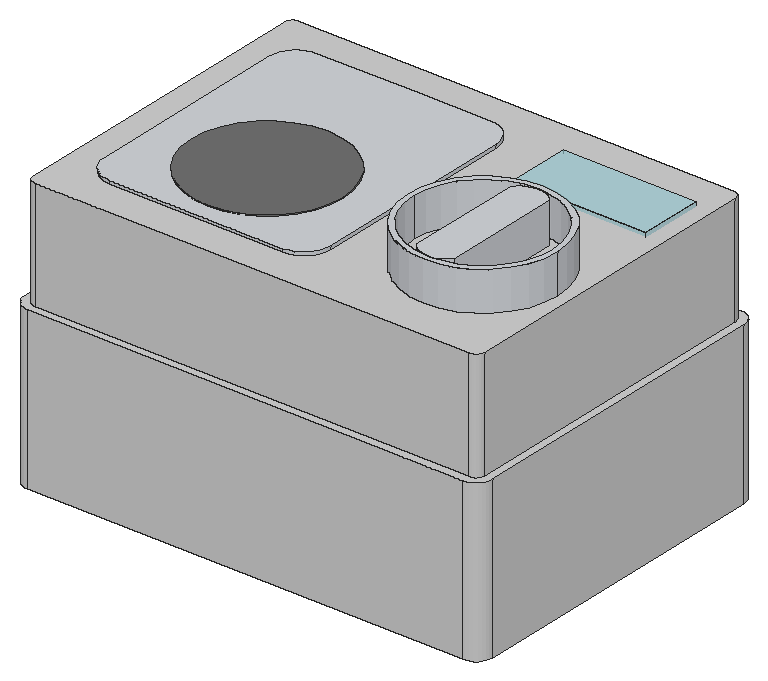
Revit family "Building-ConnessioniIEC309-GEWISS-44IB-PRESE-INTERBLOCCATE_IP44_CON_FONDO", category Apparecchi elettrici, host Superficie, Revit 2019
Family settings
  Host = Superficie
  Mantenere orientamento annotazione = Sì
  Quota connettore circolare = Usa diametro
  Tipo di parte = Normale
  Taglio con vuoti quando caricato = No
  Condiviso = No
  Punto di calcolo locali = Sì
Parameters (values of type "GW66022 - PRESA BL.OR.C.F.3P+N+T 32A 500V 7H SBF")
  visibilita posizionamento 2d [instance] = yes
  simbolo acceso [instance] = yes
  oggetto in pianta [instance] = not(visibilita posizionamento 2d)  # no
  distanza_simbolo [instance] = 1 mm
  distanza dal piano [instance] = 10 mm
  W = 115 mm  # constant formula
  Voltaggio = 0 V
  Versione file RFA = "21.4"
  VETRO = Vetro
  URL = "https://www.gewiss.com/it/it"
  Tipologia = "Orizzontale"
  Termopressione con biglia = "125 °C (Parti attive) - 80 °C (Parti passive)"
  Tensione nominale = "480-500V"
  Temperatura di utilizzo = "-25 +40 °C"
  Temperatura di funzionamento = "-25 ÷ +40 °C"
  Spostamento_effettivo_S [instance] = 4000 mm - Spostamento_S  # 3500 mm
  Spostamento_S = 500 mm
  Simbolo circuito [instance] = not(simbolo acceso)  # no
  Scheda Tecnica = "https://www.gewiss.com/it/it/search?q=GW66022"
  STRUTTURA ALTA = blue
  STRUTTURA = RAL - 7035
  SEO = "Presa"
  Riferimento h = "7"
  Resistenza agli urti = "IK08"
  Protezione = "NO (SBF)"
  Default Elevation = 1219.2 mm
  Produttore = "GEWISS S.p.A."
  PRESA = Giallo
  POMELLO = bianco
  Numero di poli = "3P+N+T"
  N_poli = 1
  N. poli = "3P+N+T"
  Modello = "GW66022"
  L = 155 mm  # constant formula
  Immagine tipo = IP44Fondo.jpg
  IDT = "54ab296f-77ff-4020-be1a-67a03cbf098f"
  IDF = "dbca06ac-afbb-49c0-85ef-3e15d7b39cd4"
  Grado di protezione = "IP44"
  Glow wire test: = "850 °C (Parti attive) - 650 °C (Parti passive)"
  Glow Wire Test = "850 °C (Parti attive) - 650 °C (Parti passive)"
  Frequenza nominale (Hz) = "50/60 Hz"
  Frequenza = "50/60 Hz"
  FORMULA = 1000 mm * 1  # 1000 mm
  Descrizione = "PRESA BL.OR.C.F.3P+N+T 32A 500V 7H SBF"
  Creato da GEWISS S.p.A. = ""
  Corrente nominale (In) = "32"
  Corrente nominale (A) = "32"
  Con fondo = "Si"
  Colore: = "Nero"
  Colore = "Nero"
  Codice Electrocod = "2220"
  Codice EAN = "8011564006218"
  Catalogo Serie = "44 IB"
  Catalogo = "BUILDING"
  COBie.Tagnumber = ""
  COBie.CreatedOn = ""
  COBie.CreatebBy = ""
  COBie.ComponentRegisterItemID = ""
  COBie.Component.TagNumber = ""
  COBie.Component.Space = ""
  COBie.Component.SerialNumber = ""
  COBie.Component.InstallationDate = ""
  COBie.Component.Description = ""
  COBie.Component.BarCode = ""
  BLOCCO = "B=C"
Types (22, lengths in mm): name | Tensione nominale | Scheda Tecnica | Riferimento h | Numero di poli | N. poli | Modello | IDT | Descrizione | Corrente nominale (In) | Corrente nominale (A) | Colore: | Colore | Codice EAN
  GW66001 - PRESA BL.OR.C.F.2P+T 16A 110V 4H SBF | "100-130V" | "https://www.gewiss.com/it/it/search?q=GW66001" | "4" | "2P+T" | "2P+T" | "GW66001" | "a3f7bddc-b5c9-4c70-9209-5b46b690e596" | "PRESA BL.OR.C.F.2P+T 16A 110V 4H SBF" | "16" | "16" | "Giallo" | "Giallo" | "8011564005792"
  GW66002 - PRESA BL.OR.C.F.3P+T 16A 110V 4H SBF | "100-130V" | "https://www.gewiss.com/it/it/search?q=GW66002" | "4" | "3P+T" | "3P+T" | "GW66002" | "4163d0c6-aca8-494a-9caf-537630b581cb" | "PRESA BL.OR.C.F.3P+T 16A 110V 4H SBF" | "16" | "16" | "Giallo" | "Giallo" | "8011564005853"
  GW66003 - PRESA BL.OR.C.F.3P+N+T 16A 110V 4H SBF | "100-130V" | "https://www.gewiss.com/it/it/search?q=GW66003" | "4" | "3P+N+T" | "3P+N+T" | "GW66003" | "4909dd62-c378-4db2-a513-8fa569881707" | "PRESA BL.OR.C.F.3P+N+T 16A 110V 4H SBF" | "16" | "16" | "Giallo" | "Giallo" | "8011564005877"
  GW66004 - PRESA BL.OR.C.F.2P+T 16A 230V 6H SBF | "200-250V" | "https://www.gewiss.com/it/it/search?q=GW66004" | "6" | "2P+T" | "2P+T" | "GW66004" | "68a58e34-4234-41ab-b0aa-5701159f1353" | "PRESA BL.OR.C.F.2P+T 16A 230V 6H SBF" | "16" | "16" | "Blu" | "Blu" | "8011564005808"
  GW66005 - PRESA BL.OR.C.F.3P+T 16A 230V 9H SBF | "200-250V" | "https://www.gewiss.com/it/it/search?q=GW66005" | "9" | "3P+T" | "3P+T" | "GW66005" | "52d1561d-2a1b-42a8-b4af-8eca2dd6daf1" | "PRESA BL.OR.C.F.3P+T 16A 230V 9H SBF" | "16" | "16" | "Blu" | "Blu" | "8011564005815"
  GW66006 - PRESA BL.OR.C.F.3P+N+T 16A 230V 9H SBF | "200-250V" | "https://www.gewiss.com/it/it/search?q=GW66006" | "9" | "3P+N+T" | "3P+N+T" | "GW66006" | "5a28dd20-1caf-43ae-815d-48ac05425b7a" | "PRESA BL.OR.C.F.3P+N+T 16A 230V 9H SBF" | "16" | "16" | "Blu" | "Blu" | "8011564005884"
  GW66007 - PRESA BL.OR.C.F.2P+T 16A 400V 9H SBF | "380-415V" | "https://www.gewiss.com/it/it/search?q=GW66007" | "9" | "2P+T" | "2P+T" | "GW66007" | "fb047202-5551-429f-9e99-7b5aebd2bce8" | "PRESA BL.OR.C.F.2P+T 16A 400V 9H SBF" | "16" | "16" | "Rosso" | "Rosso" | "8011564005846"
  GW66008 - PRESA BL.OR.C.F.3P+T 16A 400V 6H SBF | "380-415V" | "https://www.gewiss.com/it/it/search?q=GW66008" | "6" | "3P+T" | "3P+T" | "GW66008" | "37e85ae2-f5b5-4517-93ec-6809111a9bf1" | "PRESA BL.OR.C.F.3P+T 16A 400V 6H SBF" | "16" | "16" | "Rosso" | "Rosso" | "8011564005822"
  GW66009 - PRESA BL.OR.C.F.3P+N+T 16A 400V 6H SBF | "380-415V" | "https://www.gewiss.com/it/it/search?q=GW66009" | "6" | "3P+N+T" | "3P+N+T" | "GW66009" | "8810f1d4-6790-4849-8179-3e8b86234cba" | "PRESA BL.OR.C.F.3P+N+T 16A 400V 6H SBF" | "16" | "16" | "Rosso" | "Rosso" | "8011564005839"
  GW66010 - PRESA BL.OR.C.F.3P+T 16A 500V 7H SBF | "480-500V" | "https://www.gewiss.com/it/it/search?q=GW66010" | "7" | "3P+T" | "3P+T" | "GW66010" | "df0f9a86-c772-42fd-8cd7-bff315a128d0" | "PRESA BL.OR.C.F.3P+T 16A 500V 7H SBF" | "16" | "16" | "Nero" | "Nero" | "8011564005860"
  GW66011 - PRESA BL.OR.C.F.3P+N+T 16A 500V 7H SBF | "480-500V" | "https://www.gewiss.com/it/it/search?q=GW66011" | "7" | "3P+N+T" | "3P+N+T" | "GW66011" | "8156e431-96de-4fb2-92ac-bff0f0a21d1c" | "PRESA BL.OR.C.F.3P+N+T 16A 500V 7H SBF" | "16" | "16" | "Nero" | "Nero" | "8011564006096"
  GW66012 - PRESA BL.OR.C.F.2P+T 32A 110V 4H SBF | "100-130V" | "https://www.gewiss.com/it/it/search?q=GW66012" | "4" | "2P+T" | "2P+T" | "GW66012" | "cfa100f8-553e-46ba-b6cb-1415eb4d983e" | "PRESA BL.OR.C.F.2P+T 32A 110V 4H SBF" | "32" | "32" | "Giallo" | "Giallo" | "8011564006140"
  GW66013 - PRESA BL.OR.C.F.3P+T 32A 110V 4H SBF | "100-130V" | "https://www.gewiss.com/it/it/search?q=GW66013" | "4" | "3P+T" | "3P+T" | "GW66013" | "1230e05d-d1e4-4735-9249-c7c564bf6715" | "PRESA BL.OR.C.F.3P+T 32A 110V 4H SBF" | "32" | "32" | "Giallo" | "Giallo" | "8011564006164"
  GW66014 - PRESA BL.OR.C.F.3P+N+T 32A 110V 4H SBF | "100-130V" | "https://www.gewiss.com/it/it/search?q=GW66014" | "4" | "3P+N+T" | "3P+N+T" | "GW66014" | "0888c3c8-2d52-45ff-9f3d-c5e786c49ba1" | "PRESA BL.OR.C.F.3P+N+T 32A 110V 4H SBF" | "32" | "32" | "Giallo" | "Giallo" | "8011564006195"
  GW66015 - PRESA BL.OR.C.F.2P+T 32A 230V 6H SBF | "200-250V" | "https://www.gewiss.com/it/it/search?q=GW66015" | "6" | "2P+T" | "2P+T" | "GW66015" | "f28ceccb-df85-4c81-ada8-176a508920dd" | "PRESA BL.OR.C.F.2P+T 32A 230V 6H SBF" | "32" | "32" | "Blu" | "Blu" | "8011564006102"
  GW66016 - PRESA BL.OR.C.F.3P+T 32A 230V 9H SBF | "200-250V" | "https://www.gewiss.com/it/it/search?q=GW66016" | "9" | "3P+T" | "3P+T" | "GW66016" | "cbdf87e6-d6d8-4471-b32b-d94764dd0be4" | "PRESA BL.OR.C.F.3P+T 32A 230V 9H SBF" | "32" | "32" | "Blu" | "Blu" | "8011564006171"
  GW66017 - PRESA BL.OR.C.F.3P+N+T 32A 230V 9H SBF | "200-250V" | "https://www.gewiss.com/it/it/search?q=GW66017" | "9" | "3P+N+T" | "3P+N+T" | "GW66017" | "d48eb508-2fa2-437c-917b-db812bfefd6b" | "PRESA BL.OR.C.F.3P+N+T 32A 230V 9H SBF" | "32" | "32" | "Blu" | "Blu" | "8011564006201"
  GW66018 - PRESA BL.OR.C.F.2P+T 32A 400V 9H SBF | "380-415V" | "https://www.gewiss.com/it/it/search?q=GW66018" | "9" | "2P+T" | "2P+T" | "GW66018" | "1b72d26a-ba04-433c-aedb-473fd967db95" | "PRESA BL.OR.C.F.2P+T 32A 400V 9H SBF" | "32" | "32" | "Rosso" | "Rosso" | "8011564006157"
  GW66019 - PRESA BL.OR.C.F.3P+T 32A 400V 6H SBF | "380-415V" | "https://www.gewiss.com/it/it/search?q=GW66019" | "6" | "3P+T" | "3P+T" | "GW66019" | "347fe79c-85ff-4400-b694-9507616d03e5" | "PRESA BL.OR.C.F.3P+T 32A 400V 6H SBF" | "32" | "32" | "Rosso" | "Rosso" | "8011564006126"
  GW66020 - PRESA BL.OR.C.F.3P+N+T 32A 400V 6H SBF | "380-415V" | "https://www.gewiss.com/it/it/search?q=GW66020" | "6" | "3P+N+T" | "3P+N+T" | "GW66020" | "82271bbf-2cad-4fd2-a546-69ebb358dc91" | "PRESA BL.OR.C.F.3P+N+T 32A 400V 6H SBF" | "32" | "32" | "Rosso" | "Rosso" | "8011564006133"
  GW66021 - PRESA BL.OR.C.F.3P+T 32A 500V 7H SBF | "480-500V" | "https://www.gewiss.com/it/it/search?q=GW66021" | "7" | "3P+T" | "3P+T" | "GW66021" | "df45329b-e515-4e0d-b766-ab9d36224688" | "PRESA BL.OR.C.F.3P+T 32A 500V 7H SBF" | "32" | "32" | "Nero" | "Nero" | "8011564006188"
  GW66022 - PRESA BL.OR.C.F.3P+N+T 32A 500V 7H SBF | "480-500V" | "https://www.gewiss.com/it/it/search?q=GW66022" | "7" | "3P+N+T" | "3P+N+T" | "GW66022" | "54ab296f-77ff-4020-be1a-67a03cbf098f" | "PRESA BL.OR.C.F.3P+N+T 32A 500V 7H SBF" | "32" | "32" | "Nero" | "Nero" | "8011564006218"
Reference planes
  plane 1 "Centro (Fronte/Retro)": y = 0
  plane 2: z = 0
  plane 3 "Centro (Sinistra/Destra)": x = 0
  plane 4: x = -3000
  plane 5: x = 500
  plane 6: through (-313.07, 66.247, 1219.2) normal (0.9397, -0.342, 0)
  plane 7: through (-499.796, -177.063, 1219.2) normal (0.342, 0.9397, 0)
  plane 8: through (528.128, 342.051, 1219.2) normal (0.9397, -0.342, 0)
  plane 9: x = -77.5
  plane 10: x = 77.5
  plane 11: y = -57.5
  plane 12: y = 57.5
  plane 13: z = 10
Forms (mm)
  Extrusion 1, solid, detail levels coarse
    sketch origin (-117, 0, 0) x (1, 0, 0) y (0, 1, 0)
      loop
        line (39.5, 57.5) -> (39.5, -57.5) -> (194.5, -57.5) -> (194.5, 57.5) -> (39.5, 57.5)
    from 10 to 109.049
Lines and regions (mm)
  symbolic lines, visible <- "visibilita posizionamento 2d"
    curve 1: line (-78, 0, 10) -> (-78, 0, 73.456)
    curve 2: line (-78, 0, 73.456) -> (78, 0, 73.456)
    curve 3: line (78, 0, 73.456) -> (78, 0, 10)
    curve 4: line (-75.25, 0, 73.456) -> (-75.25, 0, 97)
    curve 5: line (-75.25, 0, 97) -> (75.25, 0, 97)
    curve 6: line (75.25, 0, 97) -> (75.25, 0, 73.456)
    curve 7: line (-78, 0, 10) -> (78, 0, 10)
  symbolic lines, visible <- "visibilita posizionamento 2d", not visible
    curve 8: line (-78, 0, 0) -> (-78, 0, 63.456)
    curve 9: line (-78, 0, 63.456) -> (78, 0, 63.456)
    curve 10: line (78, 0, 63.456) -> (78, 0, 0)
    curve 11: line (-75.25, 0, 63.456) -> (-75.25, 0, 87)
    curve 12: line (-75.25, 0, 87) -> (75.25, 0, 87)
    curve 13: line (75.25, 0, 87) -> (75.25, 0, 63.456)
    curve 14: line (-78, 0, 0) -> (78, 0, 0)
Text (mm)
  text "B=C*D" at (190.064, 99.613, 0), in view "Livello rif."
Dimensions and locks
  plane 4 to plane 3 "Centro (Sinistra/Destra)" = 3000 mm
  "Spostamento_effettivo_S": plane 4 to plane 5
  equal spacing: plane 9, plane 3 "Centro (Sinistra/Destra)", plane 10
  equal spacing: plane 12, plane 1 "Centro (Fronte/Retro)", plane 11
  "L": plane 9 to plane 10
  "W": plane 12 to plane 11
  "distanza dal piano": plane 13 to plane 2
  angle plane 6 to plane 5 = 20.00°
  angle plane 7 to plane 1 "Centro (Fronte/Retro)" = 20.00°
  angle plane 8 to plane 7 = 90.00°
  aligned and locked: plane 2 to host face
  aligned and locked: level to host face
  aligned and locked: nested 1 to plane 5
  aligned and locked: plane 1 "Centro (Fronte/Retro)" to nested 2
  aligned and locked: plane 9 to Extrusion 1
  aligned and locked: Extrusion 1 to plane 10
  aligned and locked: plane 12 to Extrusion 1
  aligned and locked: Extrusion 1 to plane 11
  aligned and locked: nested 2 to plane 13
  aligned and locked: curve 7 to plane 13
  aligned and locked: Extrusion 1 to plane 13
  aligned and locked: plane 3 "Centro (Sinistra/Destra)" to nested 2
  aligned and locked: plane 5 to nested 3
Automatic sketch dimensions
  host sketch curve to host sketch curve = 2438.4 mm  (x2)
  Extrusion 1 sketch curve to plane 3 "Centro (Sinistra/Destra)" = 77.5 mm
  plane 3 "Centro (Sinistra/Destra)" to Extrusion 1 sketch curve = 77.5 mm
  plane 1 "Centro (Fronte/Retro)" to Extrusion 1 sketch curve = 57.5 mm
  Extrusion 1 sketch curve to plane 1 "Centro (Fronte/Retro)" = 57.5 mm
Nested families
  nested 1: "PRESAINDPFUS" at (500, 247.795, 0), SIMBOLO ACCESO <- "simbolo acceso", Distanza dal muro <- "distanza_simbolo", visible <- "simbolo acceso", type "3P"
    with SIMBOLO ACCESO yes, Distanza dal muro 1 mm, BORDO ACCESO yes
  nested 2: "base_IB PRESE INTERBLOC portaf ORIZ" at (0, 0, 10), type "base_IB PRESE INTERBLOC portaf ORIZ", detail levels medium+fine
  nested 3: "simbolo_circuitoGW66201N" at (500.924, 249.682, 0), Distanza dal muro <- "distanza_simbolo", visible <- "Simbolo circuito", type "3P"
    with SIMBOLO ACCESO yes, Distanza dal muro 1 mm, BORDO ACCESO yes
Connectors
  electrical at (0, -57.5, 59.525), driven by "N_poli", driven by "Voltaggio"
    settings: on Extrusion 1, index 1, voltage 0 V, apparent load 0 VA, apparent load phase1 0 VA, apparent load phase2 0 VA, apparent load phase3 0 VA, power factor 1, load classification "Altro", number of poles 1, system type 31, power factor state 1, is connector primary yes, connector utility no, sub classification motor no, connector description ""
Definition of nested family "base_IB PRESE INTERBLOC portaf ORIZ"
  Parameters (values of type "base_IB PRESE INTERBLOC portaf ORIZ")
    Vetro = none
    Struttura = none
    Spessore = 160 mm
    Default Elevation = 14 mm
    Presa = none
    Lunghezza = 155 mm  # constant formula
    IFC.TypeObject = ""
    IFC.ExportType = ""
    IFC.ExportAs = ""
    H_da terra = 586.883 mm
    COBie.CreatedOn = ""
    COBie.CreatebBy = ""
    COBie.ComponentRegisterItemID = ""
    COBie.Component.TagNumber = ""
    COBie.Component.Space = ""
    COBie.Component.SerialNumber = ""
    COBie.Component.InstallationDate = ""
    COBie.Component.Description = ""
    COBie.Component.BarCode = ""
    Altezza = 115 mm  # constant formula
  Reference planes
    plane 1 "Centro (Fronte/Retro)": y = 0
    plane 2: z = 0
    plane 3 "Centro (Sinistra/Destra)": x = 0
    plane 4: z = 102.5
    plane 5: x = -74.75
    plane 6: x = -77.5
    plane 7: x = 74.75
    plane 8: x = 77.5
    plane 9: y = 57.5
    plane 10: y = -57.5
    plane 11: y = 42.91
    plane 12: y = 21.876
    plane 13: y = -42.91
    plane 14: x = 9.502
    plane 15: x = -65.25
    plane 16: x = -28.836
    plane 17: y = -12.5
    plane 18: z = 53
    plane 19: z = 90.633
    plane 20: z = 89.5
  Forms (mm)
    Extrusion 1, solid, material <- "Struttura"
      sketch origin (0, -661.883, 0) x (1, 0, 0) y (0, 1, 0)
        loop
          arc (-71.956, 719.383) -> (-75.876, 717.759) -> (-77.5, 713.84) r 5.544
          line (-77.5, 713.84) -> (-77.5, 609.927)
          arc (-77.5, 609.927) -> (-75.876, 606.007) -> (-71.956, 604.383) r 5.544
          line (-71.956, 604.383) -> (71.956, 604.383)
          arc (71.956, 604.383) -> (75.876, 606.007) -> (77.5, 609.927) r 5.544
          line (77.5, 609.927) -> (77.5, 713.84)
          arc (77.5, 713.84) -> (75.876, 717.759) -> (71.956, 719.383) r 5.544
          line (71.956, 719.383) -> (-71.956, 719.383)
      from 0 to 53
    Extrusion 2, solid, material <- "Struttura"
      sketch origin (0, -661.883, 0) x (1, 0, 0) y (0, 1, 0)
        loop
          line (-74.75, 713.634) -> (-74.75, 610.133)
          arc (-74.75, 610.133) -> (-73.872, 608.012) -> (-71.751, 607.133) r 3
          line (-71.751, 607.133) -> (71.751, 607.133)
          arc (71.751, 607.133) -> (73.872, 608.012) -> (74.75, 610.133) r 3
          line (74.75, 610.133) -> (74.75, 713.634)
          arc (74.75, 713.634) -> (73.872, 715.755) -> (71.751, 716.633) r 3
          line (71.751, 716.633) -> (-71.751, 716.633)
          arc (-71.751, 716.633) -> (-73.872, 715.755) -> (-74.75, 713.634) r 3
      from 53 to 89.5
    Extrusion 3, solid
      sketch origin (15.318, -702.206, 0) x (1, 0, 0) y (0, 1, 0)
        loop
          circle (30.751, 685.605) r 24.739
        loop
          circle (30.751, 685.605) r 22.94
      from 89.5 to 102.5
    Extrusion 4, solid
      sketch origin (-5.886, -706.709, 0) x (1, 0, 0) y (0, 1, 0)
        loop
          arc (45.579, 670.621) -> (51.876, 667.405) -> (58.173, 670.621) r 7.774
          line (58.173, 670.621) -> (58.173, 709.539)
          arc (58.173, 709.539) -> (51.876, 712.754) -> (45.579, 709.539) r 7.774
          line (45.579, 709.539) -> (45.579, 670.621)
      from 87 to 102.5
    Extrusion 5, solid
      sketch origin (0, -674.005, 0) x (1, 0, 0) y (0, 1, 0)
        loop
          line (-24.677, 717.125) -> (-56.674, 716.915)
          arc (-56.674, 716.915) -> (-62.738, 714.403) -> (-65.25, 708.339) r 8.576
          line (-65.25, 708.339) -> (-65.25, 639.666)
          arc (-65.25, 639.666) -> (-62.74, 633.606) -> (-56.68, 631.096) r 8.57
          line (-56.68, 631.096) -> (0.692, 631.096)
          arc (0.692, 631.096) -> (6.921, 633.676) -> (9.502, 639.905) r 8.81
          line (9.502, 639.905) -> (9.502, 708.235)
          arc (9.502, 708.235) -> (6.898, 714.521) -> (0.611, 717.125) r 8.89
          line (0.611, 717.125) -> (-24.677, 717.125)
      from 87 to 90.489
    Extrusion 6, solid, material <- "Presa"
      sketch origin (0, -677.755, 0) x (1, 0, 0) y (0, 1, 0)
        loop
          circle (-28.836, 665.255) r 25
      from 87 to 90.633
    Extrusion 7, void
      sketch origin (0, -661.883, 0) x (1, 0, 0) y (0, 1, 0)
        loop
          line (69.272, 704.793) -> (25, 704.793) -> (25, 683.759) -> (69.272, 683.759) -> (69.272, 704.793)
      from 84.824 to 87
    Extrusion 8, solid, material <- "Vetro"
      sketch origin (3.168, -571.883, 0) x (1, 0, 0) y (0, 1, 0)
        loop
          line (21.832, 614.793) -> (21.832, 593.759) -> (66.104, 593.759) -> (66.104, 614.793) -> (21.832, 614.793)
      from 82.324 to 90.633
  Cuts and joins
    Extrusion 7 cuts Extrusion 1
    Extrusion 7 cuts Extrusion 2
  Dimensions and locks
    locked: Extrusion 5 to Extrusion 2 at 0.989
    locked: cut or joined group of Extrusion 2, Extrusion 7 to cut or joined group of Extrusion 2, Extrusion 7 at 4.676
    locked: plane 6 to plane 5 at 2.75
    locked: plane 7 to plane 8 at 2.75
    "Lunghezza": plane 6 to plane 8
    cut or joined group of Extrusion 1, Extrusion 7 to cut or joined group of Extrusion 1, Extrusion 7 = 115 mm
    equal spacing: plane 10, plane 1 "Centro (Fronte/Retro)", plane 9
    equal spacing: plane 6, plane 3 "Centro (Sinistra/Destra)", plane 8
    locked: plane 11 to plane 12 at 21.034
    equal spacing: plane 11, plane 1 "Centro (Fronte/Retro)", plane 13
    plane 11 to plane 13 = 85.819 mm
    plane 10 to plane 17 = 45 mm
    plane 18 to level = 53 mm
    plane 18 to plane 20 = 36.5 mm
    locked: plane 20 to plane 4 at 13
    aligned and locked: level to plane 2
    aligned and locked: Extrusion 3 to Extrusion 2
    aligned and locked: Extrusion 3 to plane 4
    aligned and locked: Extrusion 4 to plane 4
    aligned and locked: plane 10 to Extrusion 1 sketch curve
    aligned and locked: plane 9 to Extrusion 1 sketch curve
    aligned and locked: plane 6 to Extrusion 1 sketch curve
    aligned and locked: Extrusion 1 sketch curve to plane 8
    aligned and locked: Extrusion 7 sketch curve to Extrusion 8
    aligned and locked: cut or joined group of Extrusion 2, Extrusion 7 to Extrusion 8
    aligned and locked: Extrusion 8 sketch curve to plane 11
    aligned and locked: plane 12 to Extrusion 8 sketch curve
    aligned and locked: Extrusion 5 sketch curve to plane 13
    aligned and locked: plane 15 to Extrusion 5 sketch curve
    aligned and locked: Extrusion 5 sketch curve to plane 14
    aligned and locked: plane 17 to Extrusion 6 sketch curve
    aligned and locked: plane 16 to Extrusion 6 sketch curve
    aligned and locked: plane 11 to Extrusion 7 sketch curve
    aligned and locked: cut or joined group of Extrusion 1, Extrusion 7 to plane 18
    aligned and locked: plane 18 to cut or joined group of Extrusion 1, Extrusion 7
    aligned and locked: Extrusion 2 to cut or joined group of Extrusion 1, Extrusion 7
    aligned and locked: cut or joined group of Extrusion 2, Extrusion 7 to plane 20
    aligned and locked: Extrusion 8 to plane 19
  Automatic sketch dimensions
    Extrusion 1 sketch curve to plane 5 = 2.794 mm  (x2)
    plane 7 to Extrusion 1 sketch curve = 2.794 mm  (x2)
    Extrusion 2 sketch curve to plane 5 = 0 mm
    Extrusion 2 sketch curve to plane 7 = 0 mm
    Extrusion 2 sketch curve to plane 5 = 3 mm  (x2)
    Extrusion 2 sketch curve to Extrusion 2 sketch curve = 3 mm
    plane 7 to Extrusion 2 sketch curve = 3 mm
    Extrusion 2 sketch curve to plane 10 = 2.75 mm
    plane 9 to Extrusion 2 sketch curve = 5.749 mm
    Extrusion 3 sketch curve to Extrusion 3 sketch curve = 0 mm  (x2)
    plane 7 to Extrusion 3 sketch curve = 28.681 mm
    plane 9 to Extrusion 3 sketch curve = 74.101 mm
    Extrusion 5 sketch curve to Extrusion 5 sketch curve = 8.57 mm
    Extrusion 5 sketch curve to Extrusion 5 sketch curve = 8.576 mm
    Extrusion 5 sketch curve to Extrusion 5 sketch curve = 8.81 mm
    Extrusion 5 sketch curve to Extrusion 5 sketch curve = 8.89 mm
    plane 3 "Centro (Sinistra/Destra)" to Extrusion 7 sketch curve = 25 mm
    plane 3 "Centro (Sinistra/Destra)" to Extrusion 8 sketch curve = 25 mm
    plane 7 to Extrusion 8 sketch curve = 5.478 mm
    Extrusion 5 sketch curve to plane 11 = 0 mm
    Extrusion 5 sketch curve to plane 11 = 8.68 mm
    Extrusion 5 sketch curve to plane 3 "Centro (Sinistra/Destra)" = 24.677 mm
    Extrusion 4 sketch curve to plane 13 = 6.821 mm  (x2)
    plane 14 to Extrusion 4 sketch curve = 30.191 mm
    Extrusion 4 sketch curve to Extrusion 4 sketch curve = 6.297 mm  (x2)
    plane 1 "Centro (Fronte/Retro)" to Extrusion 4 sketch curve = 1.729 mm
    Extrusion 4 sketch curve to Extrusion 4 sketch curve = 4.559 mm
    Extrusion 4 sketch curve to plane 1 "Centro (Fronte/Retro)" = 2.83 mm
    Extrusion 7 sketch curve to plane 12 = 0 mm
    radius of Extrusion 3 sketch curve = 24.739 mm
    radius of Extrusion 3 sketch curve = 22.94 mm
    radius of Extrusion 6 sketch curve = 25 mm
Definition of nested family "PRESAINDPFUS"
  Parameters (values of type "2P")
    SIMBOLO ACCESO [instance] = yes
    SIMBOLO = PRESAINDPFUS_BASE : 2P
    Distanza dal muro [instance] = 0 mm
    BORDO ACCESO [instance] = yes
  Types (2, lengths in mm): name | SIMBOLO
    2P | PRESAINDPFUS_BASE : 2P
    3P | PRESAINDPFUS_BASE : 3P
  Reference planes
    plane 1: y = 0
    plane 2: x = 0
  Dimensions and locks
    "Distanza dal muro": plane 1 to nested 1
    aligned and locked: plane 2 to nested 1
  Nested families
    nested 1: "PRESAINDPFUS_BASE" at (0, 0, 0), type <- "SIMBOLO", CORNICE SIMBOLO <- "BORDO ACCESO", visible <- "SIMBOLO ACCESO", type "2P"
  Definition of nested family "PRESAINDPFUS_BASE"
    Parameters (values of type "3P")
      CORNICE SIMBOLO [instance] = yes
      3P = yes
    Types (2, lengths in mm): name | 3P
      3P | yes
      2P | no
    Reference planes
      plane 1: y = 0
      plane 2: x = 0
    Lines and regions (mm)
      detail lines, visible <- "CORNICE SIMBOLO"
        curve 1: line (-0.9, 2.4, 0) -> (0.9, 2.4, 0)
        curve 2: line (0.9, 2.4, 0) -> (0.9, 0.1, 0)
        curve 3: line (0.9, 0.1, 0) -> (-0.9, 0.1, 0)
        curve 4: line (-0.9, 0.1, 0) -> (-0.9, 2.4, 0)
      detail lines, not visible
        curve 5: line (-2.443, 10.208, 0) -> (2.057, 10.208, 0)
        curve 6: line (2.057, 10.208, 0) -> (2.057, 4.208, 0)
        curve 7: line (2.057, 4.208, 0) -> (-2.443, 4.208, 0)
        curve 8: line (-2.443, 4.208, 0) -> (-2.443, 10.208, 0)
        curve 9: line (-2.043, 9.808, 0) -> (1.657, 9.808, 0)
        curve 10: line (1.657, 9.808, 0) -> (1.657, 4.608, 0)
        curve 11: line (1.657, 4.608, 0) -> (-2.043, 4.608, 0)
        curve 12: line (-2.043, 4.608, 0) -> (-2.043, 9.808, 0)
      detail lines
        curve 13: line (-0.45, 1.069, 0) -> (-0.167, 1.069, 0)
        curve 14: line (-0.167, 1.069, 0) -> (0.33, 1.929, 0)
        curve 15: line (0.33, 1.929, 0) -> (0.836, 1.636, 0)
        curve 16: line (-0.167, 1.069, 0) -> (-0.45, 0.578, 0)
        curve 17: line (-0.45, 0.578, 0) -> (-0.45, 2.341, 0)
        curve 18: line (0.135, 1.591, 0) -> (0.641, 1.299, 0)
        curve 19: line (-0.84, 0.578, 0) -> (-0.06, 0.578, 0)
        curve 20: line (-0.45, 0.952, 0) -> (-0.333, 1.069, 0)
        curve 21: line (-0.45, 0.883, 0) -> (-0.264, 1.069, 0)
        curve 22: line (-0.45, 0.814, 0) -> (-0.195, 1.069, 0)
        curve 23: line (-0.45, 0.745, 0) -> (-0.223, 0.972, 0)
        curve 24: line (-0.45, 0.676, 0) -> (-0.317, 0.809, 0)
        curve 26: arc (-0.84, 0.189, 0) -> (-0.45, 0.578, 0) -> (-0.06, 0.189, 0) r 0.39
        curve 27: line (-0.608, 1.243, 0) -> (-0.608, 2.064, 0)
        curve 28: line (-0.608, 2.064, 0) -> (-0.292, 2.064, 0)
        curve 29: line (-0.292, 2.064, 0) -> (-0.292, 1.243, 0)
        curve 30: line (-0.292, 1.243, 0) -> (-0.608, 1.243, 0)
      detail lines, visible <- "3P"
        curve 25: line (-0.06, 1.254, 0) -> (0.446, 0.961, 0)
Definition of nested family "simbolo_circuitoGW66201N"
  Parameters (values of type "3P")
    SIMBOLO ACCESO [instance] = yes
    SIMBOLO = PRESAINDSTAGNA_BASE : 3P
    Distanza dal muro [instance] = 0 mm
    BORDO ACCESO [instance] = yes
  Reference planes
    plane 1: y = 0
    plane 2: x = 0
  Dimensions and locks
    "Distanza dal muro": plane 1 to nested 1
    aligned and locked: plane 2 to nested 1
  Nested families
    nested 1: "GW66201N-simb_base_di circuito" at (0, 0, 0), visible <- "SIMBOLO ACCESO", type "3P"
      with CORNICE SIMBOLO yes
  Definition of nested family "GW66201N-simb_base_di circuito"
    Parameters (values of type "3P")
      CORNICE SIMBOLO [instance] = yes
      3P = yes
    Types (2, lengths in mm): name | 3P
      3P | yes
      2P | no
    Reference planes
      plane 1: y = 0
      plane 2: x = 0
    Lines and regions (mm)
      detail lines, not visible
        curve 1: line (-2.443, 10.208, 0) -> (2.057, 10.208, 0)
        curve 2: line (2.057, 10.208, 0) -> (2.057, 4.208, 0)
        curve 3: line (2.057, 4.208, 0) -> (-2.443, 4.208, 0)
        curve 4: line (-2.443, 4.208, 0) -> (-2.443, 10.208, 0)
        curve 5: line (-2.043, 9.808, 0) -> (1.657, 9.808, 0)
        curve 6: line (1.657, 9.808, 0) -> (1.657, 4.608, 0)
        curve 7: line (1.657, 4.608, 0) -> (-2.043, 4.608, 0)
        curve 8: line (-2.043, 4.608, 0) -> (-2.043, 9.808, 0)
    Dimensions and locks
      aligned and locked: import instance to plane 2
      aligned and locked: plane 1 to import instance
